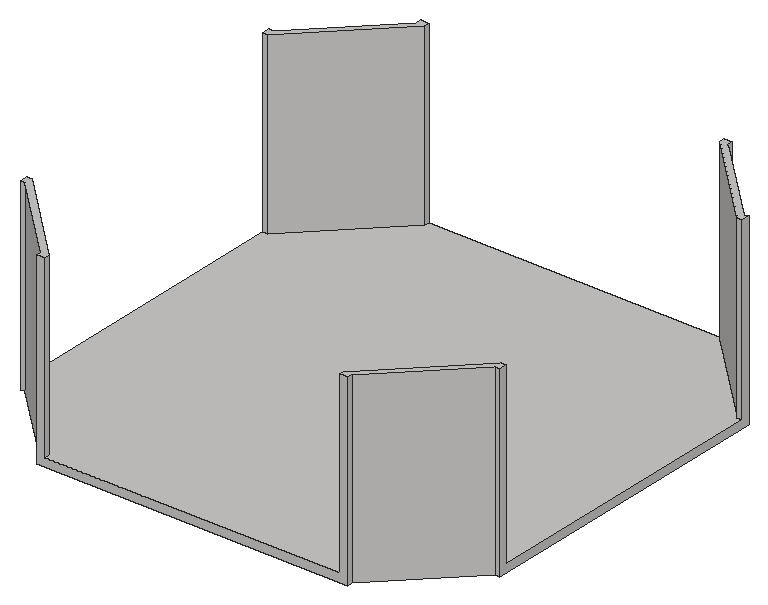
Revit family "Cable_Tray_Fitting-Solid_Tray-OBO_Bettermann-Channel_Horizontal_Cross_Over_100-300-MKS", category Cable Tray Fittings, Revit 2012
Parameters (values of type "Hot Dipped Galvanised")
  URL = "http://www.obo-bettermann.com/"
  Tray Width 3 [instance] = 100 mm
  Tray Width 1 [instance] = 100 mm
  Tray Length [instance] = 1.588 mm
  Tray Height [instance] = 60 mm
  built-in parameter 1140111 [instance] = 2.58 mm
  Radius Label 1 [instance] = Radius Label + [built-in parameter 1140111]  # 27.98 mm
  Radius Label [instance] = Radius  # 25.4 mm
  Radius = 25.4 mm
  Product Page URL = "http://catalog2.obo-bettermann.com/catalogue/catalogue.do?favOid=kts_315277&act=showIO&lang=en&action=start&catId=KTS&forward=showSolutionView"
  Product Documentation Link = ""
  Pre Galvanized = yes
  Model = "MKS"
  Manufacturer = "OBO Bettermann"
  Description = "Solid Cable tray"
  Connector Description 4 = "Connector for Cable Tray 4"  # constant formula
  Connector Description 3 = "Connector for Cable Tray 3"  # constant formula
  Connector Description 2 = "Connector for Cable Tray 2"  # constant formula
  Connector Description = "Connector for Cable Tray 1"  # constant formula
  Classification = "Refer to online Catalog for UL and cUL classifed sizes and wire sizes."
  Cable Tray Material = Metal - OBO Bettermann - Hot-Dipped-Galvanised
  Assembly Code = "D5030600"
Types (2, lengths in mm): name | Cable Tray Material
  Stripped Galvanised | Metal - OBO Bettermann - Strip-Galvanised
  Hot Dipped Galvanised | Metal - OBO Bettermann - Hot-Dipped-Galvanised
Reference planes
  plane 1 "Center (Front/Back)": y = 0
  plane 2: z = 0
  plane 3 "Center (Left/Right)": x = 0
  plane 4: y = 50
  plane 5: y = -50
  plane 6: z = 30
  plane 7: z = -30
  plane 8: y = -75.4
  plane 9: x = -50
  plane 10: x = 50
  plane 11: x = -75.4
  plane 12: x = 75.4
  plane 13: y = -47.42
  plane 14: y = 47.42
  plane 15: y = -76.988
  plane 16: x = -47.42
  plane 17: x = 47.42
  plane 18: x = -76.987
  plane 19: x = 76.988
  plane 20: z = -27.42
  plane 21: y = 75.4
  plane 22: y = 76.987
Forms (mm)
  Extrusion 1, solid, material "Metal - OBO Bettermann - Hot-Dipped-Galvanised" <- "Cable Tray Material", detail levels medium+fine
    sketch origin (-0.8, 0, 0) x (1, 0, 0) y (0, 1, 0)
      loop
        line (-76.187, -47.42) -> (-76.187, -50) -> (-74.6, -50) -> (-49.2, -75.4) -> (-49.2, -76.988) -> (-46.62, -76.988) -> (-46.62, -75.4) -> (-74.6, -47.42) -> (-76.187, -47.42)
      loop
        line (76.2, -50) -> (77.788, -50) -> (77.788, -47.42) -> (76.2, -47.42) -> (48.22, -75.4) -> (48.22, -76.988) -> (50.8, -76.988) -> (50.8, -75.4) -> (76.2, -50)
      loop
        line (-76.187, 50) -> (-76.187, 47.42) -> (-74.6, 47.42) -> (-46.62, 75.4) -> (-46.62, 76.987) -> (-49.2, 76.987) -> (-49.2, 75.4) -> (-74.6, 50) -> (-76.187, 50)
      loop
        line (48.22, 76.987) -> (48.22, 75.4) -> (76.2, 47.42) -> (77.788, 47.42) -> (77.788, 50) -> (76.2, 50) -> (50.8, 75.4) -> (50.8, 76.987) -> (48.22, 76.987)
    from -30 to 30
  Extrusion 2, solid, material "Metal - OBO Bettermann - Hot-Dipped-Galvanised" <- "Cable Tray Material", detail levels medium+fine
    sketch origin (0, 0, 0) x (1, 0, 0) y (0, 1, 0)
      loop
        line (-76.987, -50) -> (-75.4, -50) -> (-50, -75.4) -> (-50, -76.988) -> (50, -76.988) -> (50, -75.4) -> (75.4, -50) -> (76.988, -50) -> (76.988, 50) -> (75.4, 50) -> (50, 75.4) -> (50, 76.987) -> (-50, 76.987) -> (-50, 75.4) -> (-75.4, 50) -> (-76.987, 50) -> (-76.987, -50)
    from -30 to -27.42
  Extrusion 3, solid, material "Metal - OBO Bettermann - Hot-Dipped-Galvanised" <- "Cable Tray Material", detail levels medium
    sketch origin (0, 0, 0) x (1, 0, 0) y (0, 1, 0)
      loop
        line (-76.987, 50) -> (-76.987, -50) -> (-75.4, -50) -> (-50, -75.4) -> (-50, -76.988) -> (50, -76.988) -> (50, -75.4) -> (75.4, -50) -> (76.988, -50) -> (76.988, 50) -> (75.4, 50) -> (50, 75.4) -> (50, 76.987) -> (-50, 76.987) -> (-50, 75.4) -> (-75.4, 50) -> (-76.987, 50)
    from -30 to 30
Cuts and joins
  joined: Extrusion 1, Extrusion 2
Lines and regions (mm)
  model lines, style "Coarse View", detail levels coarse
    curve 1: line (-76.987, 0, 0) -> (76.988, 0, 0)
    curve 2: line (0, 0, 0) -> (0, -76.988, 0)
    curve 3: line (0, 76.987, 0) -> (0, 0, 0)
  symbolic lines, detail levels fine
    curve 4: line (47.42, 76.987, 0) -> (47.42, 75.4, 0)
    curve 5: line (47.42, 75.4, 0) -> (75.4, 47.42, 0)
    curve 6: line (75.4, 47.42, 0) -> (76.988, 47.42, 0)
    curve 7: line (76.988, -47.42, 0) -> (75.4, -47.42, 0)
    curve 8: line (75.4, -47.42, 0) -> (47.42, -75.4, 0)
    curve 9: line (47.42, -75.4, 0) -> (47.42, -76.988, 0)
    curve 10: line (-47.42, -76.988, 0) -> (-47.42, -75.4, 0)
    curve 11: line (-47.42, -75.4, 0) -> (-75.4, -47.42, 0)
    curve 12: line (-75.4, -47.42, 0) -> (-76.987, -47.42, 0)
Dimensions and locks
  equal spacing: plane 4, plane 1 "Center (Front/Back)", plane 5
  "Tray Width 1": plane 4 to plane 5
  equal spacing: plane 6, plane 2, plane 7
  "Tray Height": plane 6 to plane 7
  "Radius Label": plane 5 to plane 8
  equal spacing: plane 9, plane 3 "Center (Left/Right)", plane 10
  "Tray Width 3": plane 9 to plane 10
  "Radius Label": plane 11 to plane 9
  "Radius Label": plane 10 to plane 12
  "built-in parameter 1140111": plane 13 to plane 5
  "built-in parameter 1140111": plane 4 to plane 14
  "Tray Length": plane 8 to plane 15
  "built-in parameter 1140111": plane 9 to plane 16
  "built-in parameter 1140111": plane 17 to plane 10
  "Tray Length": plane 18 to plane 11
  "Tray Length": plane 12 to plane 19
  "built-in parameter 1140111": plane 20 to plane 7
  "Tray Length": plane 21 to plane 22
  "Radius": plane 21 to plane 4
  aligned and locked: plane 11 to Extrusion 1 sketch curve  (x4)
  aligned and locked: Extrusion 1 sketch curve to plane 13
  aligned and locked: plane 18 to Extrusion 1 sketch curve  (x2)
  aligned and locked: Extrusion 1 sketch curve to plane 5
  aligned and locked: plane 8 to Extrusion 1 sketch curve  (x4)
  aligned and locked: plane 15 to Extrusion 1 sketch curve  (x2)
  aligned and locked: plane 16 to Extrusion 1 sketch curve  (x3)
  aligned and locked: plane 9 to Extrusion 1 sketch curve  (x3)
  aligned and locked: Extrusion 1 sketch curve to plane 15  (x2)
  aligned and locked: Extrusion 1 sketch curve to plane 18  (x2)
  aligned and locked: Extrusion 1 to plane 7
  aligned and locked: plane 6 to Extrusion 1
  aligned and locked: plane 19 to Extrusion 1 sketch curve  (x3)
  aligned and locked: plane 5 to Extrusion 1 sketch curve  (x3)
  aligned and locked: plane 13 to Extrusion 1 sketch curve  (x3)
  aligned and locked: Extrusion 1 sketch curve to plane 19
  aligned and locked: Extrusion 1 sketch curve to plane 17
  aligned and locked: Extrusion 1 sketch curve to plane 10  (x2)
  aligned and locked: plane 10 to Extrusion 1 sketch curve  (x2)
  aligned and locked: plane 17 to Extrusion 1 sketch curve  (x3)
  aligned and locked: plane 18 to Extrusion 2 sketch curve  (x2)
  aligned and locked: plane 11 to Extrusion 2 sketch curve  (x2)
  aligned and locked: Extrusion 2 sketch curve to plane 5
  aligned and locked: plane 4 to Extrusion 2 sketch curve
  aligned and locked: plane 5 to Extrusion 2 sketch curve
  aligned and locked: plane 19 to Extrusion 2 sketch curve  (x2)
  aligned and locked: plane 12 to Extrusion 2 sketch curve  (x2)
  aligned and locked: plane 8 to Extrusion 2 sketch curve  (x2)
  aligned and locked: plane 15 to Extrusion 2 sketch curve
  aligned and locked: plane 10 to Extrusion 2 sketch curve
  aligned and locked: plane 9 to Extrusion 2 sketch curve
  aligned and locked: Extrusion 2 sketch curve to plane 15
  aligned and locked: Extrusion 2 to plane 7
  aligned and locked: plane 20 to Extrusion 2
  aligned and locked: plane 18 to Extrusion 3 sketch curve  (x2)
  aligned and locked: plane 11 to Extrusion 3 sketch curve  (x2)
  aligned and locked: Extrusion 3 sketch curve to plane 5  (x2)
  aligned and locked: plane 4 to Extrusion 3 sketch curve  (x2)
  aligned and locked: plane 5 to Extrusion 3 sketch curve
  aligned and locked: plane 12 to Extrusion 3 sketch curve  (x2)
  aligned and locked: plane 19 to Extrusion 3 sketch curve  (x2)
  aligned and locked: plane 15 to Extrusion 3 sketch curve
  aligned and locked: Extrusion 3 sketch curve to plane 10  (x2)
  aligned and locked: plane 8 to Extrusion 3 sketch curve
  aligned and locked: plane 10 to Extrusion 3 sketch curve
  aligned and locked: plane 9 to Extrusion 3 sketch curve
  aligned and locked: Extrusion 3 sketch curve to plane 15
  aligned and locked: Extrusion 3 to plane 7
  aligned and locked: plane 6 to Extrusion 3
  aligned and locked: plane 19 to curve 1
  aligned and locked: plane 18 to curve 1
  aligned and locked: plane 15 to curve 2
  aligned and locked: plane 1 "Center (Front/Back)" to curve 2
  aligned and locked: curve 2 to plane 3 "Center (Left/Right)"
  aligned and locked: Extrusion 1 sketch curve to plane 14
  aligned and locked: Extrusion 1 sketch curve to plane 4
  aligned and locked: plane 22 to Extrusion 1 sketch curve  (x4)
  aligned and locked: Extrusion 1 sketch curve to plane 9
  aligned and locked: Extrusion 1 sketch curve to plane 16
  aligned and locked: plane 4 to Extrusion 1 sketch curve  (x2)
  aligned and locked: plane 14 to Extrusion 1 sketch curve  (x2)
  aligned and locked: plane 22 to Extrusion 3 sketch curve  (x2)
  aligned and locked: plane 21 to Extrusion 3 sketch curve  (x2)
  aligned and locked: Extrusion 3 sketch curve to plane 9
  aligned and locked: plane 22 to Extrusion 2 sketch curve  (x2)
  aligned and locked: plane 21 to Extrusion 2 sketch curve  (x2)
  aligned and locked: Extrusion 2 sketch curve to plane 9
  aligned and locked: Extrusion 2 sketch curve to plane 10
  aligned and locked: plane 22 to curve 3
  aligned and locked: curve 3 to plane 3 "Center (Left/Right)"
  aligned and locked: plane 12 to Extrusion 1 sketch curve  (x3)
  aligned and locked: plane 21 to Extrusion 1 sketch curve  (x4)
  aligned and locked: Extrusion 3 sketch curve to cut or joined group of Extrusion 1, Extrusion 2  (x4)
  aligned and locked: Extrusion 2 sketch curve to cut or joined group of Extrusion 1, Extrusion 2  (x4)
  aligned and locked: curve 4 to cut or joined group of Extrusion 1, Extrusion 2
  aligned and locked: curve 5 to cut or joined group of Extrusion 1, Extrusion 2
  aligned and locked: curve 6 to cut or joined group of Extrusion 1, Extrusion 2
  aligned and locked: curve 7 to cut or joined group of Extrusion 1, Extrusion 2
  aligned and locked: curve 8 to cut or joined group of Extrusion 1, Extrusion 2
  aligned and locked: curve 9 to cut or joined group of Extrusion 1, Extrusion 2
  aligned and locked: curve 10 to cut or joined group of Extrusion 1, Extrusion 2
  aligned and locked: curve 11 to cut or joined group of Extrusion 1, Extrusion 2
  aligned and locked: curve 12 to cut or joined group of Extrusion 1, Extrusion 2
  aligned and locked: plane 18 to curve 12
  aligned and locked: plane 15 to curve 10
  aligned and locked: plane 15 to curve 9
  aligned and locked: plane 19 to curve 7
  aligned and locked: plane 19 to cut or joined group of Extrusion 1, Extrusion 2
  aligned and locked: plane 19 to curve 6
  aligned and locked: plane 22 to curve 4
  aligned and locked: plane 22 to cut or joined group of Extrusion 1, Extrusion 2
Automatic sketch dimensions
  Extrusion 1 sketch curve to plane 12 = 0 mm
  curve 4 to plane 17 = 0 mm
  curve 5 to plane 12 = 0 mm
  curve 5 to plane 14 = 0 mm
  plane 21 to curve 4 = 0 mm
  curve 8 to plane 8 = 0 mm
  curve 8 to plane 17 = 0 mm
  curve 8 to plane 12 = 0 mm
  curve 7 to plane 13 = 0 mm
  curve 11 to plane 11 = 0 mm
  curve 10 to plane 16 = 0 mm
  curve 10 to plane 8 = 0 mm
  curve 11 to plane 13 = 0 mm
Connectors
  cabletrayconduit at (-76.987, 0, 0), driven by "Tray Height", driven by "Tray Width 1", driven by "Connector Description"
    settings: on Extrusion 3, index 1, connector width 100 mm, connector height 60 mm, connector radius 304.8 mm, connector angle 0.00°, system type 32, placement type 0, profile type 1, connector reference index 2, is primary connector yes, connector utility param no, connector description "Connector for Cable Tray 1"
  cabletrayconduit at (76.988, 0, 0), driven by "Tray Height", driven by "Tray Width 1", driven by "Connector Description 2"
    settings: on Extrusion 3, index 2, connector width 100 mm, connector height 60 mm, connector radius 304.8 mm, connector angle 0.00°, system type 32, placement type 0, profile type 1, connector reference index 1, is primary connector no, connector utility param no, connector description "Connector for Cable Tray 2"
  cabletrayconduit at (0, -76.988, 0), driven by "Tray Height", driven by "Tray Width 3", driven by "Connector Description 3"
    settings: on Extrusion 3, index 3, connector width 100 mm, connector height 60 mm, connector radius 304.8 mm, connector angle 0.00°, system type 32, placement type 0, profile type 1, connector reference index 4, is primary connector no, connector utility param no, connector description "Connector for Cable Tray 3"
  cabletrayconduit at (0, 76.987, 0), driven by "Tray Height", driven by "Tray Width 3", driven by "Connector Description 4"
    settings: on Extrusion 3, index 4, connector width 100 mm, connector height 60 mm, connector radius 304.8 mm, connector angle 0.00°, system type 32, placement type 0, profile type 1, connector reference index 3, is primary connector no, connector utility param no, connector description "Connector for Cable Tray 4"
